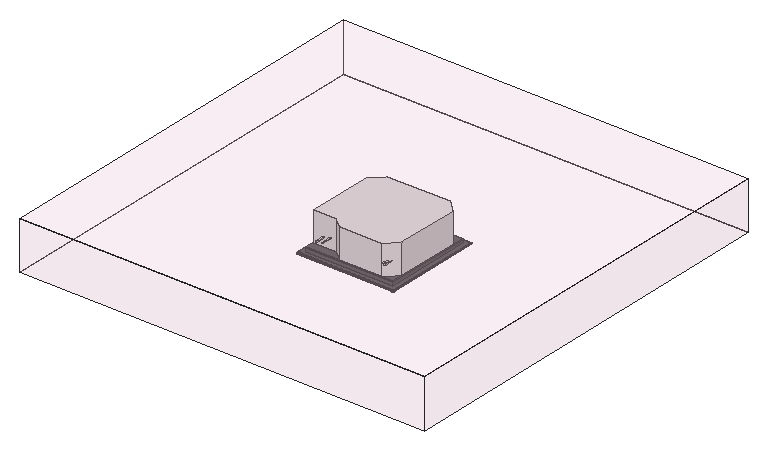
Revit family "Hitachi_Silent-iconic-design-black_LOD400", category Mechanical Equipment, Revit 2018
Family settings
  Round Connector Dimension = Use Diameter
  Classification = None
  Part Type = Normal
  OmniClass Number = 23.75.70.00
  OmniClass Title = HVAC Distribution Devices
  Work Plane-Based = No
  Always vertical = Yes
  Cut with Voids When Loaded = No
  Shared = No
  Room Calculation Point = No
Parameters (values of type "RCI-6.0FSRP + P-GP160KAP")
  Uniformat code = "D3040"
  Uniformat = "Distribution Systems"
  Sound Pressure Level (hi) = 49
  Sound Pressure Level (Me) = 45
  Sound Pressure Level (Lo) = 49
  Sound Pressure Level (Hi2) = 51
  Refrigerant Type = ""
  Object type = ""
  Model = "4-way cassette Design Panel Silent-Iconic (Standard Black)"
  Indoor fan - Air Flow Rate (Me) = 1680.0 L/s
  Indoor fan - Air Flow Rate (Lo) = 1320.0 L/s
  Indoor fan - Air Flow Rate (Hi2) = 2220.0 L/s
  Indoor fan - Air Flow Rate (Hi) = 2100.0 L/s
  Nominal Heating Capacity = 18000 W
  Manufacturer = "Hitachi Air Conditioning Europe SAS"
  Nominal Cooling Capacity = 16000 W
  Clearance Zone [instance] = yes
  Reference description = "Standard (Black)"
  Reference = "RCI-6.0FSRP + P-GP160KAP"
  RCI Height = 298 mm
  Product Code = "RCI-6.0FSRP + P-GP160KAP"
  Overall width = 950 mm
  Overall height = 328 mm
  Overall depth = 950 mm
  Outlet Diameter = 32 mm
  OmniClass description = "Air Handling Units"
  OmniClass code = "23-33 25 00"
  Number of Phases = 1
  Nominal Voltage = 230 V
  Net Weight = 34.50 kg
  Name BIM&CO = "Indoor Unit"
  Minimum AC Voltage = 207 V
  Maximum AC Voltage = 253 V
  Masterformat Code = "23 73 00"
  MasterFormat = "Indoor Central-Station Air-Handling Units"
  Liquid Diameter = 9.52 mm
  Gas Diameter = 15.88 mm
  GTIN (Global Trade Item Number) = ""
  Frequency = 50 Hz
  Connection type = "flare-nut connection"
  BIM&CO code = ""
  BC_VARIANT_ID = "963897"
  BC_OBJECT_VERSION = "#2"  # constant formula
  BC_OBJECT_ID = "428632"  # constant formula
  BC_MODEL_ID = "1194577"  # constant formula
Types (8, lengths in mm): name | Sound Pressure Level (hi) | Sound Pressure Level (Me) | Sound Pressure Level (Lo) | Sound Pressure Level (Hi2) | Indoor fan - Air Flow Rate (Me) | Indoor fan - Air Flow Rate (Lo) | Indoor fan - Air Flow Rate (Hi2) | Indoor fan - Air Flow Rate (Hi) | Nominal Heating Capacity | Nominal Cooling Capacity | Reference | RCI Height | Product Code | Net Weight | Liquid Diameter | Gas Diameter | BC_VARIANT_ID
  RCI-1.0FSRP + P-GP160KAP | 32 | 30 | 29 | 35 | 660.0 L/s | 540.0 L/s | 900.0 L/s | 780.0 L/s | 3200 W | 2800 W | "RCI-1.0FSRP + P-GP160KAP" | 248 | "RCI-1.0FSRP + P-GP160KAP" | 28.50 kg | 6.35 | 12.7 | "963890"
  RCI-1.5FSRP + P-GP160KAP | 33 | 32 | 29 | 37 | 840.0 L/s | 660.0 L/s | 1200.0 L/s | 960.0 L/s | 4800 W | 4000 W | "RCI-1.5FSRP + P-GP160KAP" | 248 | "RCI-1.5FSRP + P-GP160KAP" | 29.50 kg | 6.35 | 12.7 | "963891"
  RCI-2.0FSRP + P-GP160KAP | 34 | 32 | 30 | 39 | 840.0 L/s | 720.0 L/s | 1320.0 L/s | 1020.0 L/s | 6300 W | 5600 W | "RCI-2.0FSRP + P-GP160KAP" | 248 | "RCI-2.0FSRP + P-GP160KAP" | 29.50 kg | 6.35 | 12.7 | "963892"
  RCI-2.5FSRP + P-GP160KAP | 39 | 35 | 31 | 45 | 1080.0 L/s | 840.0 L/s | 1620.0 L/s | 1260.0 L/s | 8500 W | 7100 W | "RCI-2.5FSRP + P-GP160KAP" | 248 | "RCI-2.5FSRP + P-GP160KAP" | 30.50 kg | 9.52 | 15.88 | "963893"
  RCI-3.0FSRP + P-GP160KAP | 38 | 34 | 32 | 43 | 1080.0 L/s | 900.0 L/s | 1620.0 L/s | 1380.0 L/s | 9000 W | 8000 W | "RCI-3.0FSRP + P-GP160KAP" | 298 | "RCI-3.0FSRP + P-GP160KAP" | 34.50 kg | 9.52 | 15.88 | "963894"
  RCI-4.0FSRP + P-GP160KAP | 46 | 41 | 35 | 51 | 1440.0 L/s | 1200.0 L/s | 2160.0 L/s | 1860.0 L/s | 12500 W | 11200 W | "RCI-4.0FSRP + P-GP160KAP" | 298 | "RCI-4.0FSRP + P-GP160KAP" | 34.50 kg | 9.52 | 15.88 | "963895"
  RCI-5.0FSRP + P-GP160KAP | 48 | 43 | 37 | 51 | 1560.0 L/s | 1260.0 L/s | 2220.0 L/s | 1980.0 L/s | 16000 W | 14000 W | "RCI-5.0FSRP + P-GP160KAP" | 298 | "RCI-5.0FSRP + P-GP160KAP" | 34.50 kg | 9.52 | 15.88 | "963896"
  RCI-6.0FSRP + P-GP160KAP | 49 | 45 | 49 | 51 | 1680.0 L/s | 1320.0 L/s | 2220.0 L/s | 2100.0 L/s | 18000 W | 16000 W | "RCI-6.0FSRP + P-GP160KAP" | 298 | "RCI-6.0FSRP + P-GP160KAP" | 34.50 kg | 9.52 | 15.88 | "963897"
Reference planes
  plane 1 "Centre (avant/arrière)": y = 0
  plane 2: z = 0
  plane 3 "Centre (gauche/droite)": x = 0
  plane 4: x = -475
  plane 5: x = 475
  plane 6: y = 475
  plane 7: y = -475
  plane 8: z = 326
  plane 9: y = 366.5
  plane 10: y = -366.5
  plane 11: x = -366.5
  plane 12: x = 366.5
  plane 13: z = 28
  plane 14: z = 426
Forms (mm)
  Extrusion 1, solid, material "Hitachi-Steel-Black"
    sketch origin (0, 0, -3) x (-1, 0, 0) y (0, 0, 1)
      loop
        line (316.25, -28.5) -> (308.75, -28.5) -> (308.75, -48.5) -> (316.25, -48.5) -> (316.25, -28.5)
      loop
        line (366.25, -28.5) -> (358.75, -28.5) -> (358.75, -48.5) -> (366.25, -48.5) -> (366.25, -28.5)
      loop
        line (341.25, -28.5) -> (333.75, -28.5) -> (333.75, -48.5) -> (341.25, -48.5) -> (341.25, -28.5)
      loop
        line (291.25, -28.5) -> (283.75, -28.5) -> (283.75, -48.5) -> (291.25, -48.5) -> (291.25, -28.5)
      loop
        line (216.25, -28.5) -> (208.75, -28.5) -> (208.75, -48.5) -> (216.25, -48.5) -> (216.25, -28.5)
      loop
        line (266.25, -28.5) -> (258.75, -28.5) -> (258.75, -48.5) -> (266.25, -48.5) -> (266.25, -28.5)
      loop
        line (241.25, -28.5) -> (233.75, -28.5) -> (233.75, -48.5) -> (241.25, -48.5) -> (241.25, -28.5)
      loop
        line (191.25, -28.5) -> (183.75, -28.5) -> (183.75, -48.5) -> (191.25, -48.5) -> (191.25, -28.5)
      loop
        line (116.25, -28.5) -> (108.75, -28.5) -> (108.75, -48.5) -> (116.25, -48.5) -> (116.25, -28.5)
      loop
        line (166.25, -28.5) -> (158.75, -28.5) -> (158.75, -48.5) -> (166.25, -48.5) -> (166.25, -28.5)
      loop
        line (141.25, -28.5) -> (133.75, -28.5) -> (133.75, -48.5) -> (141.25, -48.5) -> (141.25, -28.5)
      loop
        line (91.25, -28.5) -> (83.75, -28.5) -> (83.75, -48.5) -> (91.25, -48.5) -> (91.25, -28.5)
      loop
        line (16.25, -28.5) -> (8.75, -28.5) -> (8.75, -48.5) -> (16.25, -48.5) -> (16.25, -28.5)
      loop
        line (66.25, -28.5) -> (58.75, -28.5) -> (58.75, -48.5) -> (66.25, -48.5) -> (66.25, -28.5)
      loop
        line (41.25, -28.5) -> (33.75, -28.5) -> (33.75, -48.5) -> (41.25, -48.5) -> (41.25, -28.5)
      loop
        line (-316.25, -28.5) -> (-316.25, -48.5) -> (-308.75, -48.5) -> (-308.75, -28.5) -> (-316.25, -28.5)
      loop
        line (-366.25, -28.5) -> (-366.25, -48.5) -> (-358.75, -48.5) -> (-358.75, -28.5) -> (-366.25, -28.5)
      loop
        line (-341.25, -28.5) -> (-341.25, -48.5) -> (-333.75, -48.5) -> (-333.75, -28.5) -> (-341.25, -28.5)
      loop
        line (-291.25, -28.5) -> (-291.25, -48.5) -> (-283.75, -48.5) -> (-283.75, -28.5) -> (-291.25, -28.5)
      loop
        line (-216.25, -28.5) -> (-216.25, -48.5) -> (-208.75, -48.5) -> (-208.75, -28.5) -> (-216.25, -28.5)
      loop
        line (-266.25, -28.5) -> (-266.25, -48.5) -> (-258.75, -48.5) -> (-258.75, -28.5) -> (-266.25, -28.5)
      loop
        line (-241.25, -28.5) -> (-241.25, -48.5) -> (-233.75, -48.5) -> (-233.75, -28.5) -> (-241.25, -28.5)
      loop
        line (-191.25, -28.5) -> (-191.25, -48.5) -> (-183.75, -48.5) -> (-183.75, -28.5) -> (-191.25, -28.5)
      loop
        line (-116.25, -28.5) -> (-116.25, -48.5) -> (-108.75, -48.5) -> (-108.75, -28.5) -> (-116.25, -28.5)
      loop
        line (-166.25, -28.5) -> (-166.25, -48.5) -> (-158.75, -48.5) -> (-158.75, -28.5) -> (-166.25, -28.5)
      loop
        line (-141.25, -28.5) -> (-141.25, -48.5) -> (-133.75, -48.5) -> (-133.75, -28.5) -> (-141.25, -28.5)
      loop
        line (-91.25, -28.5) -> (-91.25, -48.5) -> (-83.75, -48.5) -> (-83.75, -28.5) -> (-91.25, -28.5)
      loop
        line (-16.25, -28.5) -> (-16.25, -48.5) -> (-8.75, -48.5) -> (-8.75, -28.5) -> (-16.25, -28.5)
      loop
        line (-66.25, -28.5) -> (-66.25, -48.5) -> (-58.75, -48.5) -> (-58.75, -28.5) -> (-66.25, -28.5)
      loop
        line (-41.25, -28.5) -> (-41.25, -48.5) -> (-33.75, -48.5) -> (-33.75, -28.5) -> (-41.25, -28.5)
    from -366.5 to 366.5
  Sweep 2, solid, material "Hitachi-Plastic-Black"
    path origin (0, 0, 0) x (1, 0, 0) y (0, 1, 0)
      loop
        line (-475, 475) -> (-475, -475) -> (475, -475) -> (475, 475) -> (-475, 475)
    profile origin (-475, 0, 0) x (1, 0, 0) y (0, 0, 1)
      loop
        line (0, -3) -> (0.996, -14.347)
        arc (0.996, -14.347) -> (1.577, -15.524) -> (2.8, -16) r 1.811
        line (2.8, -16) -> (49, -16) -> (49, -20) -> (107.5, -20) -> (107.5, -24.5) -> (108.5, -24.5) -> (117, -27.9) -> (117, -29.5) -> (108.5, -29.5) -> (108.5, -31.5) -> (203.947, -31.5) -> (203.947, 40) -> (49.035, 40) -> (49.035, 29.684) -> (46.438, 0) -> (8.343, 0) -> (8.343, -3) -> (0, -3)
  Extrusion 3, solid, material "Hitachi-Plastic-Black"
    sketch origin (0, 0, 0) x (1, 0, 0) y (0, 1, 0)
      loop
        line (-271.053, 271.053) -> (-271.053, -271.053) -> (271.053, -271.053) -> (271.053, 271.053) -> (-271.053, 271.053)
    from -24.5 to 40
Cuts and joins
  joined: Sweep 2, Extrusion 3
Dimensions and locks
  equal spacing: plane 4, plane 3 "Centre (gauche/droite)", plane 5
  "Overall width": plane 4 to plane 5
  equal spacing: plane 6, plane 1 "Centre (avant/arrière)", plane 7
  "Overall depth": plane 6 to plane 7
  locked: plane 14 to plane 8 at 100
  locked: plane 13 to plane 2 at 28
  "RCI Height": plane 8 to plane 13
  aligned and locked: level to plane 2
  aligned and locked: Sweep 2 sketch curve to plane 4
  aligned and locked: Sweep 2 sketch curve to plane 6
  aligned and locked: plane 5 to Sweep 2 sketch curve
  aligned and locked: Sweep 2 sketch curve to plane 7
  aligned and locked: plane 3 "Centre (gauche/droite)" to nested 1
  aligned and locked: plane 1 "Centre (avant/arrière)" to nested 1
Automatic sketch dimensions
  plane 11 to Extrusion 3 sketch curve = 95.447 mm
  Extrusion 3 sketch curve to plane 12 = 95.447 mm
  plane 10 to Extrusion 3 sketch curve = 95.447 mm
  Extrusion 3 sketch curve to plane 9 = 95.447 mm
  Extrusion 1 sketch curve to plane 12 = 0.25 mm
  Extrusion 1 sketch curve to Extrusion 1 sketch curve = 7.5 mm  (x29)
  Extrusion 1 sketch curve to Extrusion 1 sketch curve = 17.5 mm  (x26)
  plane 3 "Centre (gauche/droite)" to Extrusion 1 sketch curve = 16.25 mm
  Extrusion 1 sketch curve to plane 3 "Centre (gauche/droite)" = 8.75 mm
  plane 11 to Extrusion 1 sketch curve = 7.75 mm
  plane 11 to Extrusion 1 sketch curve = 0.25 mm
  Extrusion 1 sketch curve to level = 51.5 mm  (x5)
  Extrusion 1 sketch curve to Extrusion 1 sketch curve = 0 mm  (x45)
  Extrusion 1 sketch curve to Extrusion 1 sketch curve = 20 mm  (x10)
  profile plane to Sweep 2 sketch curve = 0 mm
  Sweep 2 sketch curve to level = 0 mm
  Sweep 2 sketch curve to profile plane = 0.996 mm
  Sweep 2 sketch curve to Sweep 2 sketch curve = 1.804 mm
  Sweep 2 sketch curve to profile plane = 8.343 mm
  Sweep 2 sketch curve to level = 20 mm
  Sweep 2 sketch curve to Sweep 2 sketch curve = 40.657 mm
  Sweep 2 sketch curve to profile plane = 49.035 mm
  Sweep 2 sketch curve to Sweep 2 sketch curve = 58.5 mm
  Sweep 2 sketch curve to level = 24.5 mm
  Sweep 2 sketch curve to Sweep 2 sketch curve = 1 mm
  Sweep 2 sketch curve to Sweep 2 sketch curve = 0 mm
  Sweep 2 sketch curve to Sweep 2 sketch curve = 8.5 mm
  Sweep 2 sketch curve to level = 31.5 mm
  Sweep 2 sketch curve to Sweep 2 sketch curve = 86.947 mm
  Sweep 2 sketch curve to Sweep 2 sketch curve = 2 mm
  Sweep 2 sketch curve to Sweep 2 sketch curve = 1.6 mm
  Sweep 2 sketch curve to Sweep 2 sketch curve = 4 mm
  Sweep 2 sketch curve to Sweep 2 sketch curve = 1.653 mm
  Sweep 2 sketch curve to level = 3 mm
  level to Sweep 2 sketch curve = 40 mm
  Sweep 2 sketch curve to Sweep 2 sketch curve = 2.562 mm
  Sweep 2 sketch curve to Sweep 2 sketch curve = 10.316 mm
Nested families
  nested 1: "Cassette 800 x 800 RCI FSR" at (0, 0, 28), type "Cassette 800 x 800 RCI FSR"
    with Overall height 298 mm
  nested 2: "BC_Clearance-zone" at (0, 1164.917, -51.5), visible <- "Clearance Zone", type "BC_Clearance-zone"
    with Width 3950 mm, Height 477.5 mm, Depth 3950 mm
Connectors
  piping at (-325, -420, 118), diameter 609.6
    settings: on nested 1, index 1, connector inside diameter 609.6 mm, connector length 0 mm, flow factor 0, pipe flow 0.0 L/s, pressure drop 0.0 Pa, fitting loss kfactor 0, connector angle 0.00°, fixture units 0, engagement length 0 mm, angle of deflection 0.00°, flow configuration 0, flow direction 0, fitting loss method 0, system type 7, joint type 0, gender type 0, connector reference index -1, connector utility 0, adjustable connector no, is connector primary yes, connector description ""
  piping at (-260, -430, 135), diameter 9.5
    settings: on nested 1, index 2, connector inside diameter 609.6 mm, connector length 0 mm, flow factor 0, pipe flow 0.0 L/s, pressure drop 0.0 Pa, fitting loss kfactor 0, connector angle 0.00°, fixture units 0, engagement length 0 mm, angle of deflection 0.00°, flow configuration 0, flow direction 0, fitting loss method 0, system type 7, joint type 0, gender type 0, connector reference index -1, connector utility 0, adjustable connector no, is connector primary no, connector description ""
  piping at (338, -420, 162), diameter 25
    settings: on nested 1, index 3, connector inside diameter 609.6 mm, connector length 0 mm, flow factor 0, pipe flow 0.0 L/s, pressure drop 0.0 Pa, fitting loss kfactor 0, connector angle 0.00°, fixture units 0, engagement length 0 mm, angle of deflection 0.00°, flow configuration 0, flow direction 0, fitting loss method 0, system type 7, joint type 0, gender type 0, connector reference index -1, connector utility 0, adjustable connector no, is connector primary no, connector description ""
  electrical at (0.274, -40.571, 326), driven by "Nominal Voltage"
    settings: on nested 1, index 4, voltage 230 V, apparent load 0 VA, apparent load phase1 0 VA, apparent load phase2 0 VA, apparent load phase3 0 VA, power factor 1, load classification "Autre", number of poles 1, system type 31, power factor state 1, is connector primary yes, connector utility no, sub classification motor no, connector description ""
Definition of nested family "Cassette 800 x 800 RCI FSR"
  Parameters (values of type "Cassette 800 x 800 RCI FSR")
    URL = ""
    Overall height = 248 mm
    Outlet Diameter = 25 mm
    Liquid Diameter = 6.35 mm
    Gas Diameter = 12.7 mm
    Description = "Standard Cassette 800*800.Individual control setting for each louver. Suitable up to 4,2 m height under ceiling . Optional motion sensor"
    Model = "Cassette 800 x 800 RCI FSR"
    Manufacturer = "Hitachi Air Conditioning Europe SAS"
    Default Elevation = 1219.2 mm
    Type Comments = ""
  Reference planes
    plane 1 "Centre (avant/arrière)": y = 0
    plane 2: z = 0
    plane 3 "Centre (gauche/droite)": x = 0
    plane 4 "Back": y = 420
    plane 5 "Right": x = 420
    plane 6 "Left": x = -420
    plane 7 "Front": y = -420
    plane 8: z = 0
    plane 9 "Top": z = 248
  Forms (mm)
    Extrusion 1, solid
      sketch origin (0, 0, 0) x (1, 0, 0) y (0, 1, 0)
        loop
          line (-306.863, 420) -> (-420, 306.863) -> (-420, -336) -> (-204.8, -336) -> (-99.6, -420) -> (306.863, -420) -> (420, -306.863) -> (420, 306.863) -> (306.863, 420) -> (-306.863, 420)
      from 248 to 0
    Extrusion 2, solid
      sketch origin (55, -336, -18) x (-1, 0, 0) y (0, 0, -1)
        loop
          circle (380, -108) r 6.35
      from 0 to 84
    Extrusion 3, solid
      sketch origin (0, -336, 16) x (-1, 0, 0) y (0, 0, -1)
        loop
          circle (260, -91) r 3.175
      from 0 to 94
    Extrusion 4, solid
      sketch origin (0, -336, 148) x (-1, 0, 0) y (0, 0, -1)
        loop
          circle (-338, 14) r 12.5
      from 0 to 84
  Dimensions and locks
    equal spacing: plane 6 "Left", plane 3 "Centre (gauche/droite)", plane 5 "Right"
    equal spacing: plane 7 "Front", plane 1 "Centre (avant/arrière)", plane 4 "Back"
    plane 6 "Left" to plane 5 "Right" = 840 mm
    plane 4 "Back" to plane 7 "Front" = 840 mm
    "Overall height": plane 9 "Top" to plane 8
    locked: Extrusion 4 sketch curve to plane 8 at 134
    locked: Extrusion 2 sketch curve to plane 8 at 90
    locked: Extrusion 3 sketch curve to plane 8 at 107
    "Gas Diameter": diameter of Extrusion 2 sketch curve
    "Liquid Diameter": diameter of Extrusion 3 sketch curve
    "Outlet Diameter": diameter of Extrusion 4 sketch curve
    aligned and locked: Extrusion 1 sketch curve to plane 7 "Front"
    aligned and locked: Extrusion 1 sketch curve to plane 5 "Right"
    aligned and locked: Extrusion 1 sketch curve to plane 4 "Back"
    aligned and locked: plane 7 "Front" to Extrusion 1 sketch curve
    aligned and locked: Extrusion 1 to plane 9 "Top"
    aligned and locked: Extrusion 1 to plane 8
  Automatic sketch dimensions
    Extrusion 1 sketch curve to plane 6 "Left" = 0 mm
    plane 6 "Left" to Extrusion 1 sketch curve = 113.137 mm
    plane 7 "Front" to Extrusion 1 sketch curve = 84 mm
    plane 3 "Centre (gauche/droite)" to Extrusion 1 sketch curve = 204.8 mm
    plane 3 "Centre (gauche/droite)" to Extrusion 1 sketch curve = 99.6 mm
    plane 5 "Right" to Extrusion 1 sketch curve = 113.137 mm  (x2)
    plane 4 "Back" to Extrusion 1 sketch curve = 113.137 mm  (x2)
    plane 7 "Front" to Extrusion 1 sketch curve = 113.137 mm
    Extrusion 2 sketch curve to plane 6 "Left" = 95 mm
    Extrusion 3 sketch curve to plane 6 "Left" = 160 mm
    Extrusion 4 sketch curve to plane 5 "Right" = 82 mm
Definition of nested family "BC_Clearance-zone"
  Parameters (values of type "BC_Clearance-zone")
    Width [instance] = 2500 mm
    Height [instance] = 1400 mm
    Depth [instance] = 1600 mm
  Reference planes
    plane 1 "Centre (avant/arrière)": y = 0
    plane 2: z = 0
    plane 3 "Centre (gauche/droite)": x = 0
    plane 4: x = -1250
    plane 5: x = 1250
    plane 6: y = 810.083
    plane 7: y = -789.917
    plane 8: z = 1400
  Forms (mm)
    Extrusion 1, solid
      sketch origin (0, 0, 0) x (1, 0, 0) y (0, 1, 0)
        loop
          line (-1250, 810.083) -> (-1250, -789.917) -> (1250, -789.917) -> (1250, 810.083) -> (-1250, 810.083)
      from 0 to 1400
  Lines and regions (mm)
    symbolic lines
      curve 1: line (0, 810.083, 1400) -> (0, -789.917, 1400)
      curve 2: line (0, 810.083, 0) -> (0, 810.083, 1400)
      curve 3: line (0, -789.917, 0) -> (0, 810.083, 0)
      curve 4: line (0, -789.917, 1400) -> (0, -789.917, 0)
      curve 5: line (-1250, 0, 1400) -> (1250, 0, 1400)
      curve 6: line (-1250, 0, 0) -> (-1250, 0, 1400)
      curve 7: line (1250, 0, 0) -> (-1250, 0, 0)
      curve 8: line (1250, 0, 1400) -> (1250, 0, 0)
      curve 9: line (-1250, 810.083, 0) -> (1250, 810.083, 0)
      curve 10: line (-1250, -789.917, 0) -> (-1250, 810.083, 0)
      curve 11: line (1250, -789.917, 0) -> (-1250, -789.917, 0)
      curve 12: line (1250, 810.083, 0) -> (1250, -789.917, 0)
  Dimensions and locks
    equal spacing: plane 4, plane 3 "Centre (gauche/droite)", plane 5
    "Width": plane 4 to plane 5
    plane 6 to plane 1 "Centre (avant/arrière)" to plane 7 = 810.083 mm, 789.917 mm
    "Depth": plane 6 to plane 7
    "Height": plane 8 to plane 2
    aligned and locked: level to plane 2
    aligned and locked: Extrusion 1 sketch curve to plane 6
    aligned and locked: plane 5 to Extrusion 1 sketch curve
    aligned and locked: plane 7 to Extrusion 1 sketch curve
    aligned and locked: plane 4 to Extrusion 1 sketch curve
    aligned and locked: plane 8 to Extrusion 1
    aligned and locked: curve 1 to plane 8
    aligned and locked: plane 2 to curve 3
    aligned and locked: plane 7 to curve 4
    aligned and locked: curve 2 to plane 6
  Automatic sketch dimensions
    curve 7 to level = 0 mm
    curve 7 to plane 4 = 0 mm
    plane 5 to curve 7 = 0 mm
    curve 6 to plane 8 = 0 mm
    curve 11 to plane 4 = 0 mm
    curve 11 to plane 5 = 0 mm
    curve 11 to plane 7 = 0 mm
    curve 10 to plane 6 = 0 mm
